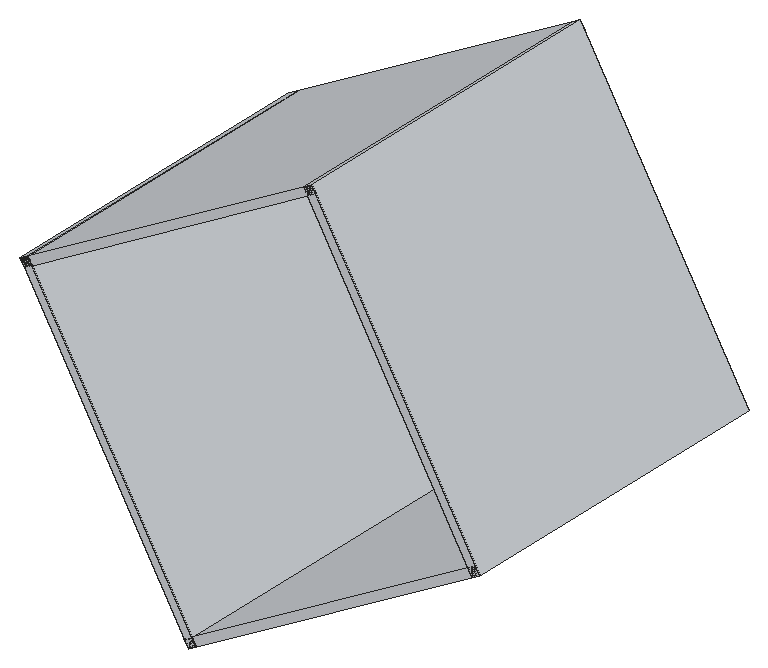
Revit family "ELP - Famiglia MADRE ", category Generic Models, Revit 2020
Family settings
  Can host rebar = No
  Round Connector Dimension = Use Diameter
  Part Type = Normal
  Work Plane-Based = No
  Always vertical = Yes
  Cut with Voids When Loaded = No
  Shared = No
  Room Calculation Point = No
Parameters
  spessore = 10 mm
  profondità = 400 mm
  c_distanza x [instance] = 1000 mm
  c_angolo [instance] = 30.00°
  c_altezza da terra [instance] = 1000 mm
  base = 400 mm
  altezza = 400 mm
  Default Elevation = 0 mm
Reference planes
  plane 1 "Center (Front/Back)": y = 0
  plane 2: z = 0
  plane 3 "Center (Left/Right)": x = 0
  plane 4: z = 1000
  plane 5: x = 1000
Lines and regions (mm)
  reference lines
    curve 1: line (1000, 0, 1000) -> (1866.025, 0, 1500)
Dimensions and locks
  "c_altezza da terra": plane 4 to level
  "c_distanza x": plane 5 to plane 3 "Center (Left/Right)"
  "c_angolo": angle plane 4 to curve 1
  aligned and locked: level to plane 2
  aligned and locked: nested 1 to curve 1
  aligned and locked: nested 2 to curve 1
Automatic sketch dimensions
  curve 1 to plane 4 = 0 mm
  curve 1 to plane 5 = 0 mm
Nested families
  nested 1: "ELP - LineBased FIGLIO H" at (1000, 0, 1000) x (0.866, 0, 0.5) z (0, -1, 0), type "H 20x20x2"
    with built-in parameter 1001306 3.2808 (stored number, unit not read), spessore 10 mm, profondità 400 mm, distanza 400 mm, base 400 mm
  nested 2: "ELP - LineBased FIGLIO V " at (1000, 0, 1000) x (0.866, 0, 0.5) z (0, -1, 0), type "V 20x20x2"
    with built-in parameter 1001306 3.2808 (stored number, unit not read), spessore 10 mm, profondità 400 mm, distanza 400 mm, altezza 400 mm
Definition of nested family "ELP - LineBased FIGLIO H"
  Parameters (values of type "H 20x20x2")
    spessore = 20 mm
    profondità = 200 mm
    distanza = 200 mm
    base = 200 mm
    built-in parameter 1001306 [instance] = 1200 mm
    Default Elevation = 0 mm
  Reference planes
    plane 1 "Center (Front/Back)": y = 0
    plane 2: z = 0
    plane 3 "Left": x = 0
    plane 4 "Right": x = 1200
    plane 5: z = 200
    plane 6: x = 200
    plane 7: y = 20
    plane 8: y = 180
    plane 9: y = 200
  Forms (mm)
    Extrusion 1, solid
      sketch origin (0, 0, 0) x (1, 0, 0) y (0, 1, 0)
        loop
          line (0, 20) -> (0, 0) -> (200, 0) -> (200, 20) -> (0, 20)
        loop
          line (0, 200) -> (0, 180) -> (200, 180) -> (200, 200) -> (0, 200)
      from 0 to 200
  Lines and regions (mm)
    reference lines
      curve 1: line (0, 0, 0) -> (1200, 0, 0)
  Dimensions and locks
    "built-in parameter 1001306": plane 3 "Left" to plane 4 "Right"
    "base": plane 6 to plane 3 "Left"
    "profondità": plane 5 to level
    "spessore": plane 7 to plane 1 "Center (Front/Back)"
    "spessore": plane 9 to plane 8
    "distanza": plane 9 to plane 1 "Center (Front/Back)"
    aligned and locked: plane 4 "Right" to curve 1
    aligned and locked: plane 1 "Center (Front/Back)" to curve 1
    aligned and locked: plane 3 "Left" to curve 1
    aligned and locked: level to plane 2
    aligned and locked: Extrusion 1 to plane 3 "Left"  (x2)
    aligned and locked: plane 6 to Extrusion 1  (x2)
    aligned and locked: plane 9 to Extrusion 1
    aligned and locked: Extrusion 1 to plane 8
    aligned and locked: plane 7 to Extrusion 1
    aligned and locked: plane 1 "Center (Front/Back)" to Extrusion 1
    aligned and locked: plane 5 to Extrusion 1
  Automatic sketch dimensions
    Extrusion 1 sketch curve to plane 3 "Left" = 0 mm  (x2)
    plane 6 to Extrusion 1 sketch curve = 0 mm  (x2)
    plane 1 "Center (Front/Back)" to Extrusion 1 sketch curve = 0 mm
    plane 7 to Extrusion 1 sketch curve = 0 mm
    Extrusion 1 sketch curve to plane 8 = 0 mm
    plane 9 to Extrusion 1 sketch curve = 0 mm
Definition of nested family "ELP - LineBased FIGLIO V "
  Parameters (values of type "V 20x20x2")
    spessore = 20 mm
    profondità = 200 mm
    distanza = 200 mm
    altezza = 200 mm
    built-in parameter 1001306 [instance] = 1200 mm
    Default Elevation = 0 mm
  Reference planes
    plane 1 "Center (Front/Back)": y = 0
    plane 2: z = 0
    plane 3 "Left": x = 0
    plane 4 "Right": x = 1200
    plane 5: z = 200
    plane 6: x = 20
    plane 7: x = 180
    plane 8: x = 200
    plane 9: y = 200
  Forms (mm)
    Extrusion 1, solid
      sketch origin (0, 0, 0) x (1, 0, 0) y (0, 1, 0)
        loop
          line (0, 200) -> (0, 0) -> (20, 0) -> (20, 200) -> (0, 200)
        loop
          line (180, 200) -> (180, 0) -> (200, 0) -> (200, 200) -> (180, 200)
      from 0 to 200
  Lines and regions (mm)
    reference lines
      curve 1: line (0, 0, 0) -> (1200, 0, 0)
  Dimensions and locks
    "built-in parameter 1001306": plane 3 "Left" to plane 4 "Right"
    "spessore": plane 6 to plane 3 "Left"
    "spessore": plane 8 to plane 7
    "distanza": plane 8 to plane 3 "Left"
    "altezza": plane 9 to plane 1 "Center (Front/Back)"
    "profondità": plane 5 to level
    aligned and locked: plane 4 "Right" to curve 1
    aligned and locked: plane 1 "Center (Front/Back)" to curve 1
    aligned and locked: plane 3 "Left" to curve 1
    aligned and locked: level to plane 2
    aligned and locked: Extrusion 1 to plane 3 "Left"
    aligned and locked: plane 6 to Extrusion 1
    aligned and locked: Extrusion 1 to plane 7
    aligned and locked: plane 8 to Extrusion 1
    aligned and locked: plane 1 "Center (Front/Back)" to Extrusion 1  (x2)
    aligned and locked: plane 9 to Extrusion 1  (x2)
    aligned and locked: plane 5 to Extrusion 1
  Automatic sketch dimensions
    Extrusion 1 sketch curve to plane 3 "Left" = 0 mm
    plane 6 to Extrusion 1 sketch curve = 0 mm
    Extrusion 1 sketch curve to plane 7 = 0 mm
    plane 8 to Extrusion 1 sketch curve = 0 mm
    plane 1 "Center (Front/Back)" to Extrusion 1 sketch curve = 0 mm  (x2)
    plane 9 to Extrusion 1 sketch curve = 0 mm  (x2)
